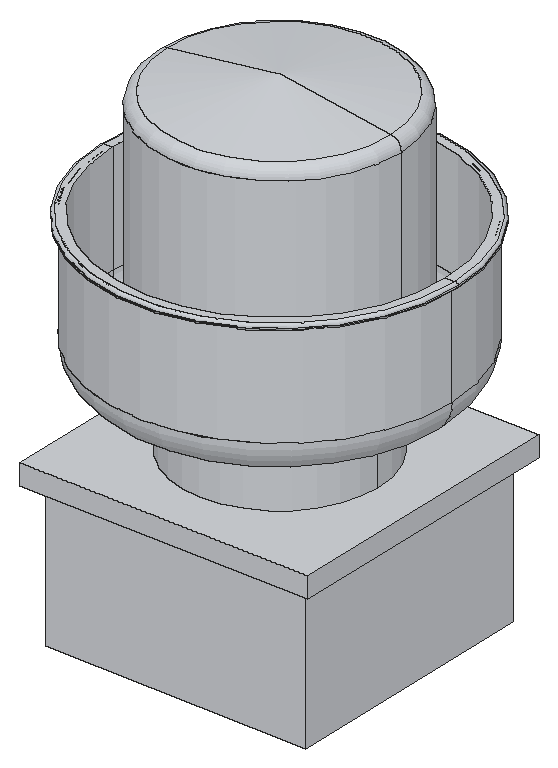
Revit family "EF-1", category Mechanical Equipment, host Face, Revit 2025
Family settings
  Host = Face
  Round Connector Dimension = Use Diameter
  Classification = None
  Part Type = Normal
  Cut with Voids When Loaded = No
  Maintain Annotation Orientation = No
  Shared = No
  Room Calculation Point = No
Parameters (values of type "CUE-142HP-VG5-MCD")
  Size = 24"
  Model = "CUE-142HP-VG5-MCD"
  Manufacturer = "GREENHECK"
  Default Elevation = 48"
Reference planes (in)
  plane 1 "Center (Front/Back)": y = 0
  plane 2: z = 0
  plane 3 "Center (Left/Right)": x = 0
  plane 4: z = 29.75
Forms (in)
  Revolve 1, solid
    sketch origin (0, 0, 0) x (1, 0, 0) y (0, 0, 1)
      loop
        line (0, 1.75) -> (8.25, 1.75) -> (8.25, 7.25) -> (11.42458, 7.25)
        arc (11.42458, 7.25) -> (13.5459, 8.12868) -> (14.42458, 10.25) r 3
        line (14.42458, 10.25) -> (14.42458, 19.18462) -> (14.6051, 19.18462) -> (14.6051, 19.10077) -> (14.51129, 19.10077) -> (14.51129, 19.05955)
        arc (14.51129, 19.05955) -> (14.54757, 18.97197) -> (14.63515, 18.93569) r 0.12386
        line (14.63515, 18.93569) -> (14.81967, 18.93569)
        arc (14.81967, 18.93569) -> (14.89385, 18.96642) -> (14.92458, 19.0406) r 0.10491
        line (14.92458, 19.0406) -> (14.92458, 19.125)
        arc (14.92458, 19.125) -> (14.85135, 19.30178) -> (14.67458, 19.375) r 0.25
        line (14.67458, 19.375) -> (13.92458, 19.375) -> (13.92458, 10.25)
        arc (13.92458, 10.25) -> (13.19234, 8.48223) -> (11.42458, 7.75) r 2.5
        line (11.42458, 7.75) -> (10.17458, 7.75) -> (10.17458, 27.45077)
        arc (10.17458, 27.45077) -> (9.92929, 28.10683) -> (9.31375, 28.44104) r 1
        line (9.31375, 28.44104) -> (0, 29.75) -> (0, 1.75)
      axis (0, 29.75) -> (0, 1.75)
    angle from 0 to 360
  Extrusion 2, solid
    sketch origin (0, 0, 0) x (1, 0, 0) y (0, 1, 0)
      loop
        line (-12, 12) -> (-12, -12) -> (12, -12) -> (12, 12) -> (-12, 12)
    from 0 to 1.75
  Extrusion 3, solid
    sketch origin (0, 0, 0) x (1, 0, 0) y (0, 1, 0)
      loop
        line (-10.85335, 10.79644) -> (-10.85335, -10.79644) -> (10.85335, -10.79644) -> (10.85335, 10.79644) -> (-10.85335, 10.79644)
    from -12.08101 to 0
Dimensions and locks (in)
  plane 4 to host face = 29 3/4"
  equal spacing: Extrusion 2 sketch curve, plane 3 "Center (Left/Right)", Extrusion 2 sketch curve
  equal spacing: Extrusion 2 sketch curve, plane 1 "Center (Front/Back)", Extrusion 2 sketch curve
  "Size": Extrusion 2 sketch curve to Extrusion 2 sketch curve  (x2)
  equal spacing: Extrusion 3 sketch curve, plane 3 "Center (Left/Right)", Extrusion 3 sketch curve
  equal spacing: Extrusion 3 sketch curve, plane 1 "Center (Front/Back)", Extrusion 3 sketch curve
  aligned and locked: plane 2 to host face
  aligned and locked: level to host face
Automatic sketch dimensions
  host sketch curve to host sketch curve = 96"  (x2)
  Revolve 1 sketch curve to Revolve 1 sketch curve = 0"  (x2)
  Revolve 1 sketch curve to plane 3 "Center (Left/Right)" = 0"  (x2)
  Revolve 1 sketch curve to plane 4 = 0"
  plane 3 "Center (Left/Right)" to Revolve 1 sketch curve = 8 1/4"
  Revolve 1 sketch curve to plane 4 = 2.29923"
  plane 3 "Center (Left/Right)" to Revolve 1 sketch curve = 9.17458"
  Revolve 1 sketch curve to plane 4 = 1.30896"
  Revolve 1 sketch curve to Revolve 1 sketch curve = 0.13917"
  Revolve 1 sketch curve to Revolve 1 sketch curve = 1 1/4"
  Revolve 1 sketch curve to Revolve 1 sketch curve = 2 1/2"
  Revolve 1 sketch curve to Revolve 1 sketch curve = 1/2"
  Revolve 1 sketch curve to Revolve 1 sketch curve = 0.08671"
  Revolve 1 sketch curve to Revolve 1 sketch curve = 0.09381"
  Revolve 1 sketch curve to Revolve 1 sketch curve = 0.03005"
  Revolve 1 sketch curve to Revolve 1 sketch curve = 0.06948"
  Revolve 1 sketch curve to Revolve 1 sketch curve = 0.18453"
  Revolve 1 sketch curve to Revolve 1 sketch curve = 0.10491"
  level to Revolve 1 sketch curve = 7 1/4"
  Revolve 1 sketch curve to Revolve 1 sketch curve = 8.68569"
  Revolve 1 sketch curve to Revolve 1 sketch curve = 0.04122"
  Revolve 1 sketch curve to Revolve 1 sketch curve = 0.02423"
  Revolve 1 sketch curve to Revolve 1 sketch curve = 0.08385"
  level to Revolve 1 sketch curve = 1 3/4"
  Revolve 1 sketch curve to Revolve 1 sketch curve = 4 5/8"
  Revolve 1 sketch curve to Revolve 1 sketch curve = 8"
  Extrusion 3 sketch curve to plane 3 "Center (Left/Right)" = 10.85335"
  plane 1 "Center (Front/Back)" to Extrusion 3 sketch curve = 10.79644"
